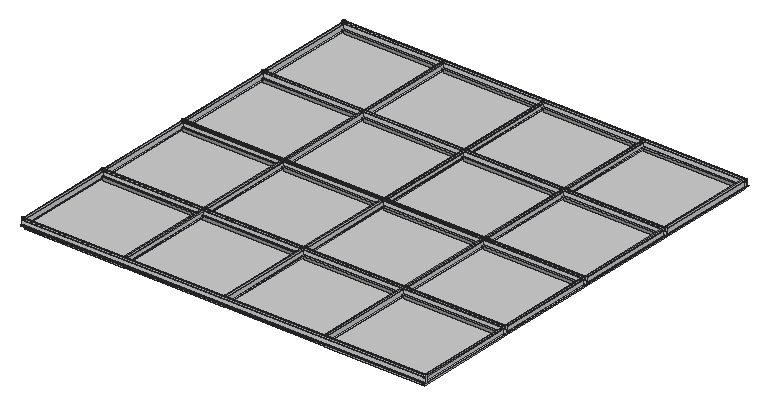
Revit family "GRD-TLE-021_TILE 001_RFA", category Modelos genéricos, Revit 2022
Family settings
  Puede alojar armadura = No
  Cota de conector redondo = Diámetro de uso
  Tipo de pieza = Normal
  Se basa en plano de trabajo = No
  Siempre vertical = Sí
  Corte con vacíos al cargar = No
  Mantener orientación de anotación = No
  Compartido = No
  Punto de cálculo de habitación = No
Parameters
  Elevación por defecto = 0.00"
Reference planes (in)
  plane 1 "Centro (Frontal/Posterior)": y = 0
  plane 2: z = 0
  plane 3 "Centro (Izquierda/Derecha)": x = 0
Forms (in)
  Extrusion 1, solid, not visible
    sketch origin (0, 0, 0) x (1, 0, 0) y (0, 1, 0)
      loop
        line (0, 2.25) -> (0, 0) -> (108, 0) -> (108, 2.25) -> (0, 2.25)
    from 0 to 8
  Extrusion 2, solid, not visible
    sketch origin (0, 0, 0) x (1, 0, 0) y (0, 1, 0)
      loop
        line (0, 2.25) -> (0, 0) -> (108, 0) -> (108, 2.25) -> (0, 2.25)
    from 0 to 8
  Extrusion 3, solid, not visible
    sketch origin (0, 8, 0) x (1, 0, 0) y (0, 1, 0)
      loop
        line (0, 2.25) -> (0, 0) -> (108, 0) -> (108, 2.25) -> (0, 2.25)
    from 0 to 8
  Extrusion 4, solid, not visible
    sketch origin (0, 16, 0) x (1, 0, 0) y (0, 1, 0)
      loop
        line (0, 2.25) -> (0, 0) -> (108, 0) -> (108, 2.25) -> (0, 2.25)
    from 0 to 8
  Extrusion 5, solid, not visible
    sketch origin (0, 24, 0) x (1, 0, 0) y (0, 1, 0)
      loop
        line (0, 2.25) -> (0, 0) -> (108, 0) -> (108, 2.25) -> (0, 2.25)
    from 0 to 8
  Extrusion 6, solid, not visible
    sketch origin (0, 32, 0) x (1, 0, 0) y (0, 1, 0)
      loop
        line (0, 2.25) -> (0, 0) -> (108, 0) -> (108, 2.25) -> (0, 2.25)
    from 0 to 8
  Extrusion 7, solid, not visible
    sketch origin (0, 40, 0) x (1, 0, 0) y (0, 1, 0)
      loop
        line (0, 2.25) -> (0, 0) -> (108, 0) -> (108, 2.25) -> (0, 2.25)
    from 0 to 8
  Extrusion 8, solid, not visible
    sketch origin (0, 48, 0) x (1, 0, 0) y (0, 1, 0)
      loop
        line (0, 2.25) -> (0, 0) -> (108, 0) -> (108, 2.25) -> (0, 2.25)
    from 0 to 8
  Extrusion 9, solid, not visible
    sketch origin (0, 56, 0) x (1, 0, 0) y (0, 1, 0)
      loop
        line (0, 2.25) -> (0, 0) -> (108, 0) -> (108, 2.25) -> (0, 2.25)
    from 0 to 8
  Extrusion 10, solid, not visible
    sketch origin (0, 64, 0) x (1, 0, 0) y (0, 1, 0)
      loop
        line (0, 2.25) -> (0, 0) -> (108, 0) -> (108, 2.25) -> (0, 2.25)
    from 0 to 8
  Extrusion 11, solid, not visible
    sketch origin (0, 72, 0) x (1, 0, 0) y (0, 1, 0)
      loop
        line (0, 2.25) -> (0, 0) -> (108, 0) -> (108, 2.25) -> (0, 2.25)
    from 0 to 8
  Extrusion 12, solid, not visible
    sketch origin (0, 80, 0) x (1, 0, 0) y (0, 1, 0)
      loop
        line (0, 2.25) -> (0, 0) -> (108, 0) -> (108, 2.25) -> (0, 2.25)
    from 0 to 8
  Extrusion 13, solid, not visible
    sketch origin (0, 88, 0) x (1, 0, 0) y (0, 1, 0)
      loop
        line (0, 2.25) -> (0, 0) -> (108, 0) -> (108, 2.25) -> (0, 2.25)
    from 0 to 8
  Extrusion 14, solid, not visible
    sketch origin (0, 96, 0) x (1, 0, 0) y (0, 1, 0)
      loop
        line (0, 2.25) -> (0, 0) -> (108, 0) -> (108, 2.25) -> (0, 2.25)
    from 0 to 8
  Extrusion 15, solid, not visible
    sketch origin (0, 104, 0) x (1, 0, 0) y (0, 1, 0)
      loop
        line (0, 2.25) -> (0, 0) -> (108, 0) -> (108, 2.25) -> (0, 2.25)
    from 0 to 8
  Extrusion 16, solid, not visible
    sketch origin (0, 112, 0) x (1, 0, 0) y (0, 1, 0)
      loop
        line (0, 2.25) -> (0, 0) -> (108, 0) -> (108, 2.25) -> (0, 2.25)
    from 0 to 8
  Extrusion 17, solid, not visible
    sketch origin (0, 120, 0) x (1, 0, 0) y (0, 1, 0)
      loop
        line (0, 2.25) -> (0, 0) -> (108, 0) -> (108, 2.25) -> (0, 2.25)
    from 0 to 8
  Extrusion 18, solid, not visible
    sketch origin (0, 128, 0) x (1, 0, 0) y (0, 1, 0)
      loop
        line (0, 2.25) -> (0, 0) -> (108, 0) -> (108, 2.25) -> (0, 2.25)
    from 0 to 8
  Extrusion 19, solid, not visible
    sketch origin (0, 136, 0) x (1, 0, 0) y (0, 1, 0)
      loop
        line (0, 2.25) -> (0, 0) -> (108, 0) -> (108, 2.25) -> (0, 2.25)
    from 0 to 8
  Extrusion 20, solid, not visible
    sketch origin (0, 144, 0) x (1, 0, 0) y (0, 1, 0)
      loop
        line (0, 2.25) -> (0, 0) -> (108, 0) -> (108, 2.25) -> (0, 2.25)
    from 0 to 8
  Extrusion 21, solid, not visible
    sketch origin (0, 152, 0) x (1, 0, 0) y (0, 1, 0)
      loop
        line (0, 2.25) -> (0, 0) -> (108, 0) -> (108, 2.25) -> (0, 2.25)
    from 0 to 8
  Extrusion 22, solid, not visible
    sketch origin (109, 0, 0) x (1, 0, 0) y (0, 1, 0)
      loop
        line (0, 2.25) -> (0, 0) -> (108, 0) -> (108, 2.25) -> (0, 2.25)
    from 0 to 8
  Extrusion 23, solid, not visible
    sketch origin (109, 8, 0) x (1, 0, 0) y (0, 1, 0)
      loop
        line (0, 2.25) -> (0, 0) -> (108, 0) -> (108, 2.25) -> (0, 2.25)
    from 0 to 8
  Extrusion 24, solid, not visible
    sketch origin (109, 16, 0) x (1, 0, 0) y (0, 1, 0)
      loop
        line (0, 2.25) -> (0, 0) -> (108, 0) -> (108, 2.25) -> (0, 2.25)
    from 0 to 8
  Extrusion 25, solid, not visible
    sketch origin (109, 24, 0) x (1, 0, 0) y (0, 1, 0)
      loop
        line (0, 2.25) -> (0, 0) -> (108, 0) -> (108, 2.25) -> (0, 2.25)
    from 0 to 8
  Extrusion 26, solid, not visible
    sketch origin (109, 32, 0) x (1, 0, 0) y (0, 1, 0)
      loop
        line (0, 2.25) -> (0, 0) -> (108, 0) -> (108, 2.25) -> (0, 2.25)
    from 0 to 8
  Extrusion 27, solid, not visible
    sketch origin (109, 40, 0) x (1, 0, 0) y (0, 1, 0)
      loop
        line (0, 2.25) -> (0, 0) -> (108, 0) -> (108, 2.25) -> (0, 2.25)
    from 0 to 8
  Extrusion 28, solid, not visible
    sketch origin (109, 48, 0) x (1, 0, 0) y (0, 1, 0)
      loop
        line (0, 2.25) -> (0, 0) -> (108, 0) -> (108, 2.25) -> (0, 2.25)
    from 0 to 8
  Extrusion 29, solid, not visible
    sketch origin (109, 56, 0) x (1, 0, 0) y (0, 1, 0)
      loop
        line (0, 2.25) -> (0, 0) -> (108, 0) -> (108, 2.25) -> (0, 2.25)
    from 0 to 8
  Extrusion 30, solid, not visible
    sketch origin (109, 64, 0) x (1, 0, 0) y (0, 1, 0)
      loop
        line (0, 2.25) -> (0, 0) -> (108, 0) -> (108, 2.25) -> (0, 2.25)
    from 0 to 8
  Extrusion 31, solid, not visible
    sketch origin (109, 72, 0) x (1, 0, 0) y (0, 1, 0)
      loop
        line (0, 2.25) -> (0, 0) -> (108, 0) -> (108, 2.25) -> (0, 2.25)
    from 0 to 8
  Extrusion 32, solid, not visible
    sketch origin (109, 80, 0) x (1, 0, 0) y (0, 1, 0)
      loop
        line (0, 2.25) -> (0, 0) -> (108, 0) -> (108, 2.25) -> (0, 2.25)
    from 0 to 8
  Extrusion 33, solid, not visible
    sketch origin (109, 88, 0) x (1, 0, 0) y (0, 1, 0)
      loop
        line (0, 2.25) -> (0, 0) -> (108, 0) -> (108, 2.25) -> (0, 2.25)
    from 0 to 8
  Extrusion 34, solid, not visible
    sketch origin (109, 96, 0) x (1, 0, 0) y (0, 1, 0)
      loop
        line (0, 2.25) -> (0, 0) -> (108, 0) -> (108, 2.25) -> (0, 2.25)
    from 0 to 8
  Extrusion 35, solid, not visible
    sketch origin (109, 104, 0) x (1, 0, 0) y (0, 1, 0)
      loop
        line (0, 2.25) -> (0, 0) -> (108, 0) -> (108, 2.25) -> (0, 2.25)
    from 0 to 8
  Extrusion 36, solid, not visible
    sketch origin (109, 112, 0) x (1, 0, 0) y (0, 1, 0)
      loop
        line (0, 2.25) -> (0, 0) -> (108, 0) -> (108, 2.25) -> (0, 2.25)
    from 0 to 8
  Extrusion 37, solid, not visible
    sketch origin (109, 120, 0) x (1, 0, 0) y (0, 1, 0)
      loop
        line (0, 2.25) -> (0, 0) -> (108, 0) -> (108, 2.25) -> (0, 2.25)
    from 0 to 8
  Extrusion 38, solid, not visible
    sketch origin (109, 128, 0) x (1, 0, 0) y (0, 1, 0)
      loop
        line (0, 2.25) -> (0, 0) -> (108, 0) -> (108, 2.25) -> (0, 2.25)
    from 0 to 8
  Extrusion 39, solid, not visible
    sketch origin (109, 136, 0) x (1, 0, 0) y (0, 1, 0)
      loop
        line (0, 2.25) -> (0, 0) -> (108, 0) -> (108, 2.25) -> (0, 2.25)
    from 0 to 8
  Extrusion 40, solid, not visible
    sketch origin (109, 144, 0) x (1, 0, 0) y (0, 1, 0)
      loop
        line (0, 2.25) -> (0, 0) -> (108, 0) -> (108, 2.25) -> (0, 2.25)
    from 0 to 8
  Extrusion 41, solid, not visible
    sketch origin (109, 152, 0) x (1, 0, 0) y (0, 1, 0)
      loop
        line (0, 2.25) -> (0, 0) -> (108, 0) -> (108, 2.25) -> (0, 2.25)
    from 0 to 8
  Extrusion 42, solid, not visible
    sketch origin (-108, 0, 0) x (1, 0, 0) y (0, 1, 0)
      loop
        line (0, 2.25) -> (0, 0) -> (108, 0) -> (108, 2.25) -> (0, 2.25)
    from 0 to 8
  Extrusion 43, solid, not visible
    sketch origin (-108, 8, 0) x (1, 0, 0) y (0, 1, 0)
      loop
        line (0, 2.25) -> (0, 0) -> (108, 0) -> (108, 2.25) -> (0, 2.25)
    from 0 to 8
  Extrusion 44, solid, not visible
    sketch origin (-108, 16, 0) x (1, 0, 0) y (0, 1, 0)
      loop
        line (0, 2.25) -> (0, 0) -> (108, 0) -> (108, 2.25) -> (0, 2.25)
    from 0 to 8
  Extrusion 45, solid, not visible
    sketch origin (-108, 24, 0) x (1, 0, 0) y (0, 1, 0)
      loop
        line (0, 2.25) -> (0, 0) -> (108, 0) -> (108, 2.25) -> (0, 2.25)
    from 0 to 8
  Extrusion 46, solid, not visible
    sketch origin (-108, 32, 0) x (1, 0, 0) y (0, 1, 0)
      loop
        line (0, 2.25) -> (0, 0) -> (108, 0) -> (108, 2.25) -> (0, 2.25)
    from 0 to 8
  Extrusion 47, solid, not visible
    sketch origin (-108, 40, 0) x (1, 0, 0) y (0, 1, 0)
      loop
        line (0, 2.25) -> (0, 0) -> (108, 0) -> (108, 2.25) -> (0, 2.25)
    from 0 to 8
  Extrusion 48, solid, not visible
    sketch origin (1, 0, 0) x (1, 0, 0) y (0, 1, 0)
      loop
        line (0, 2.25) -> (0, 0) -> (108, 0) -> (108, 2.25) -> (0, 2.25)
    from 0 to 8
  Extrusion 49, solid, not visible
    sketch origin (1, 8, 0) x (1, 0, 0) y (0, 1, 0)
      loop
        line (0, 2.25) -> (0, 0) -> (108, 0) -> (108, 2.25) -> (0, 2.25)
    from 0 to 8
  Extrusion 50, solid, not visible
    sketch origin (1, 16, 0) x (1, 0, 0) y (0, 1, 0)
      loop
        line (0, 2.25) -> (0, 0) -> (108, 0) -> (108, 2.25) -> (0, 2.25)
    from 0 to 8
  Extrusion 51, solid, not visible
    sketch origin (1, 24, 0) x (1, 0, 0) y (0, 1, 0)
      loop
        line (0, 2.25) -> (0, 0) -> (108, 0) -> (108, 2.25) -> (0, 2.25)
    from 0 to 8
  Extrusion 52, solid, not visible
    sketch origin (1, 32, 0) x (1, 0, 0) y (0, 1, 0)
      loop
        line (0, 2.25) -> (0, 0) -> (108, 0) -> (108, 2.25) -> (0, 2.25)
    from 0 to 8
  Extrusion 53, solid, not visible
    sketch origin (1, 40, 0) x (1, 0, 0) y (0, 1, 0)
      loop
        line (0, 2.25) -> (0, 0) -> (108, 0) -> (108, 2.25) -> (0, 2.25)
    from 0 to 8
  Extrusion 54, solid, not visible
    sketch origin (-108, 48, 0) x (1, 0, 0) y (0, 1, 0)
      loop
        line (0, 2.25) -> (0, 0) -> (108, 0) -> (108, 2.25) -> (0, 2.25)
    from 0 to 8
  Extrusion 55, solid, not visible
    sketch origin (-108, 56, 0) x (1, 0, 0) y (0, 1, 0)
      loop
        line (0, 2.25) -> (0, 0) -> (108, 0) -> (108, 2.25) -> (0, 2.25)
    from 0 to 8
  Extrusion 56, solid, not visible
    sketch origin (-108, 64, 0) x (1, 0, 0) y (0, 1, 0)
      loop
        line (0, 2.25) -> (0, 0) -> (108, 0) -> (108, 2.25) -> (0, 2.25)
    from 0 to 8
  Extrusion 57, solid, not visible
    sketch origin (-108, 72, 0) x (1, 0, 0) y (0, 1, 0)
      loop
        line (0, 2.25) -> (0, 0) -> (108, 0) -> (108, 2.25) -> (0, 2.25)
    from 0 to 8
  Extrusion 58, solid, not visible
    sketch origin (-108, 80, 0) x (1, 0, 0) y (0, 1, 0)
      loop
        line (0, 2.25) -> (0, 0) -> (108, 0) -> (108, 2.25) -> (0, 2.25)
    from 0 to 8
  Extrusion 59, solid, not visible
    sketch origin (1, 48, 0) x (1, 0, 0) y (0, 1, 0)
      loop
        line (0, 2.25) -> (0, 0) -> (108, 0) -> (108, 2.25) -> (0, 2.25)
    from 0 to 8
  Extrusion 60, solid, not visible
    sketch origin (1, 56, 0) x (1, 0, 0) y (0, 1, 0)
      loop
        line (0, 2.25) -> (0, 0) -> (108, 0) -> (108, 2.25) -> (0, 2.25)
    from 0 to 8
  Extrusion 61, solid, not visible
    sketch origin (1, 64, 0) x (1, 0, 0) y (0, 1, 0)
      loop
        line (0, 2.25) -> (0, 0) -> (108, 0) -> (108, 2.25) -> (0, 2.25)
    from 0 to 8
  Extrusion 62, solid, not visible
    sketch origin (1, 72, 0) x (1, 0, 0) y (0, 1, 0)
      loop
        line (0, 2.25) -> (0, 0) -> (108, 0) -> (108, 2.25) -> (0, 2.25)
    from 0 to 8
  Extrusion 63, solid, not visible
    sketch origin (1, 80, 0) x (1, 0, 0) y (0, 1, 0)
      loop
        line (0, 2.25) -> (0, 0) -> (108, 0) -> (108, 2.25) -> (0, 2.25)
    from 0 to 8
  Extrusion 64, solid, not visible
    sketch origin (-108, 88, 0) x (1, 0, 0) y (0, 1, 0)
      loop
        line (0, 2.25) -> (0, 0) -> (108, 0) -> (108, 2.25) -> (0, 2.25)
    from 0 to 8
  Extrusion 65, solid, not visible
    sketch origin (-108, 96, 0) x (1, 0, 0) y (0, 1, 0)
      loop
        line (0, 2.25) -> (0, 0) -> (108, 0) -> (108, 2.25) -> (0, 2.25)
    from 0 to 8
  Extrusion 66, solid, not visible
    sketch origin (-108, 104, 0) x (1, 0, 0) y (0, 1, 0)
      loop
        line (0, 2.25) -> (0, 0) -> (108, 0) -> (108, 2.25) -> (0, 2.25)
    from 0 to 8
  Extrusion 67, solid, not visible
    sketch origin (-108, 112, 0) x (1, 0, 0) y (0, 1, 0)
      loop
        line (0, 2.25) -> (0, 0) -> (108, 0) -> (108, 2.25) -> (0, 2.25)
    from 0 to 8
  Extrusion 68, solid, not visible
    sketch origin (-108, 120, 0) x (1, 0, 0) y (0, 1, 0)
      loop
        line (0, 2.25) -> (0, 0) -> (108, 0) -> (108, 2.25) -> (0, 2.25)
    from 0 to 8
  Extrusion 69, solid, not visible
    sketch origin (1, 88, 0) x (1, 0, 0) y (0, 1, 0)
      loop
        line (0, 2.25) -> (0, 0) -> (108, 0) -> (108, 2.25) -> (0, 2.25)
    from 0 to 8
  Extrusion 70, solid, not visible
    sketch origin (1, 96, 0) x (1, 0, 0) y (0, 1, 0)
      loop
        line (0, 2.25) -> (0, 0) -> (108, 0) -> (108, 2.25) -> (0, 2.25)
    from 0 to 8
  Extrusion 71, solid, not visible
    sketch origin (1, 104, 0) x (1, 0, 0) y (0, 1, 0)
      loop
        line (0, 2.25) -> (0, 0) -> (108, 0) -> (108, 2.25) -> (0, 2.25)
    from 0 to 8
  Extrusion 72, solid, not visible
    sketch origin (1, 112, 0) x (1, 0, 0) y (0, 1, 0)
      loop
        line (0, 2.25) -> (0, 0) -> (108, 0) -> (108, 2.25) -> (0, 2.25)
    from 0 to 8
  Extrusion 73, solid, not visible
    sketch origin (1, 120, 0) x (1, 0, 0) y (0, 1, 0)
      loop
        line (0, 2.25) -> (0, 0) -> (108, 0) -> (108, 2.25) -> (0, 2.25)
    from 0 to 8
  Extrusion 74, solid, not visible
    sketch origin (-108, 128, 0) x (1, 0, 0) y (0, 1, 0)
      loop
        line (0, 2.25) -> (0, 0) -> (108, 0) -> (108, 2.25) -> (0, 2.25)
    from 0 to 8
  Extrusion 75, solid, not visible
    sketch origin (-108, 136, 0) x (1, 0, 0) y (0, 1, 0)
      loop
        line (0, 2.25) -> (0, 0) -> (108, 0) -> (108, 2.25) -> (0, 2.25)
    from 0 to 8
  Extrusion 76, solid, not visible
    sketch origin (-108, 144, 0) x (1, 0, 0) y (0, 1, 0)
      loop
        line (0, 2.25) -> (0, 0) -> (108, 0) -> (108, 2.25) -> (0, 2.25)
    from 0 to 8
  Extrusion 77, solid, not visible
    sketch origin (-108, 152, 0) x (1, 0, 0) y (0, 1, 0)
      loop
        line (0, 2.25) -> (0, 0) -> (108, 0) -> (108, 2.25) -> (0, 2.25)
    from 0 to 8
  Extrusion 78, solid, not visible
    sketch origin (-108, 160, 0) x (1, 0, 0) y (0, 1, 0)
      loop
        line (0, 2.25) -> (0, 0) -> (108, 0) -> (108, 2.25) -> (0, 2.25)
    from 0 to 8
  Extrusion 79, solid, not visible
    sketch origin (1, 128, 0) x (1, 0, 0) y (0, 1, 0)
      loop
        line (0, 2.25) -> (0, 0) -> (108, 0) -> (108, 2.25) -> (0, 2.25)
    from 0 to 8
  Extrusion 80, solid, not visible
    sketch origin (1, 136, 0) x (1, 0, 0) y (0, 1, 0)
      loop
        line (0, 2.25) -> (0, 0) -> (108, 0) -> (108, 2.25) -> (0, 2.25)
    from 0 to 8
  Extrusion 81, solid, not visible
    sketch origin (1, 144, 0) x (1, 0, 0) y (0, 1, 0)
      loop
        line (0, 2.25) -> (0, 0) -> (108, 0) -> (108, 2.25) -> (0, 2.25)
    from 0 to 8
  Extrusion 82, solid, not visible
    sketch origin (1, 152, 0) x (1, 0, 0) y (0, 1, 0)
      loop
        line (0, 2.25) -> (0, 0) -> (108, 0) -> (108, 2.25) -> (0, 2.25)
    from 0 to 8
  Extrusion 83, solid, not visible
    sketch origin (1, 160, 0) x (1, 0, 0) y (0, 1, 0)
      loop
        line (0, 2.25) -> (0, 0) -> (108, 0) -> (108, 2.25) -> (0, 2.25)
    from 0 to 8
  Extrusion 84, solid, not visible
    sketch origin (0, 0, 0) x (1, 0, 0) y (0, 1, 0)
      loop
        line (0, 3) -> (0, 0) -> (108, 0) -> (108, 3) -> (0, 3)
    from 0 to 8
  Extrusion 85, void, not visible
    sketch origin (0, 0, 0) x (1, 0, 0) y (0, 1, 0)
      loop
        line (6, 2) -> (6, 1) -> (66, 1) -> (66, 2) -> (6, 2)
    from 0 to 1.03
  Extrusion 86, solid, not visible
    sketch origin (0, 0, 0) x (1, 0, 0) y (0, 1, 0)
      loop
        line (0, 3) -> (0, 0) -> (108, 0) -> (108, 3) -> (0, 3)
    from 0 to 8
  Extrusion 87, void, not visible
    sketch origin (0, 0, 0) x (1, 0, 0) y (0, 1, 0)
      loop
        line (6, 2) -> (6, 1) -> (66, 1) -> (66, 2) -> (6, 2)
    from 0 to 1.03
  Extrusion 88, solid, not visible
    sketch origin (0, 0, 0) x (1, 0, 0) y (0, 1, 0)
      loop
        line (6, 2) -> (6, 1) -> (66, 1) -> (66, 2) -> (6, 2)
    from 0 to 1.03
  Extrusion 89, solid, not visible
    sketch origin (0, 32, 0) x (1, 0, 0) y (0, 1, 0)
      loop
        line (0, 3) -> (0, 0) -> (108, 0) -> (108, 3) -> (0, 3)
    from 0 to 8
  Extrusion 90, void, not visible
    sketch origin (0, 32, 0) x (1, 0, 0) y (0, 1, 0)
      loop
        line (6, 2) -> (6, 1) -> (102, 1) -> (102, 2) -> (6, 2)
    from 0 to 1.03
  Extrusion 91, solid, not visible
    sketch origin (8.95842, -18.67436, 0) x (1, 0, 0) y (0, 1, 0)
      loop
        line (-8.48642, 97.64679) -> (-8.48642, 97.17436) -> (98.56914, 97.17436) -> (98.56914, 97.64679) -> (-8.48642, 97.64679)
    from 0.59055 to 8
  Extrusion 92, solid, not visible
    sketch origin (8.95842, -16.6468, 0) x (1, 0, 0) y (0, 1, 0)
      loop
        line (-8.48642, 97.64679) -> (-8.48642, 97.17436) -> (98.56914, 97.17436) -> (98.56914, 97.64679) -> (-8.48642, 97.64679)
    from 0.59055 to 8
  Extrusion 93, solid, not visible
    sketch origin (60.46912, 110.28574, 0) x (1, 0, 0) y (0, 1, 0)
      loop
        line (45.03088, -29.28574) -> (-57.96911, -29.28574) -> (-57.96911, -31.78574) -> (45.03088, -31.78574) -> (45.03088, -29.28574)
      loop
        line (23.78088, -31.03574) -> (41.78088, -31.03574) -> (41.78088, -30.03574) -> (23.78088, -30.03574) -> (23.78088, -31.03574)
      loop
        line (-54.71912, -31.03574) -> (-36.71912, -31.03574) -> (-36.71912, -30.03574) -> (-54.71912, -30.03574) -> (-54.71912, -31.03574)
    from 0 to 0.59055
  Extrusion 94, solid, not visible
    sketch origin (108, 51.5, 0) x (0, 1, 0) y (-1, 0, 0)
      loop
        line (27.75, 102.25) -> (27.75, 84.25) -> (28.75, 84.25) -> (28.75, 102.25) -> (27.75, 102.25)
    from 0 to 1
  Extrusion 95, solid, not visible
    sketch origin (186.5, 51.5, 0) x (0, 1, 0) y (-1, 0, 0)
      loop
        line (27.75, 102.25) -> (27.75, 84.25) -> (28.75, 84.25) -> (28.75, 102.25) -> (27.75, 102.25)
    from 0 to 1
  Extrusion 96, solid, not visible
    sketch origin (8.95842, -44.42438, 0) x (1, 0, 0) y (0, 1, 0)
      loop
        line (-8.48642, 97.64679) -> (-8.48642, 97.17436) -> (98.56914, 97.17436) -> (98.56914, 97.64679) -> (-8.48642, 97.64679)
    from 0.59055 to 8
  Extrusion 97, solid, not visible
    sketch origin (8.95842, -42.39682, 0) x (1, 0, 0) y (0, 1, 0)
      loop
        line (-8.48642, 97.64679) -> (-8.48642, 97.17436) -> (98.56914, 97.17436) -> (98.56914, 97.64679) -> (-8.48642, 97.64679)
    from 0.59055 to 8
  Extrusion 98, solid, not visible
    sketch origin (60.46912, 84.53571, 0) x (1, 0, 0) y (0, 1, 0)
      loop
        line (45.03088, -29.28574) -> (-57.96911, -29.28574) -> (-57.96911, -31.78574) -> (45.03088, -31.78574) -> (45.03088, -29.28574)
      loop
        line (-28.96912, -31.03574) -> (-10.96912, -31.03574) -> (-10.96912, -30.03574) -> (-28.96912, -30.03574) -> (-28.96912, -31.03574)
      loop
        line (-3.21912, -31.03571) -> (14.78088, -31.03571) -> (14.78088, -30.03571) -> (-3.21912, -30.03571) -> (-3.21912, -31.03571)
    from 0 to 0.59055
  Extrusion 99, solid, not visible
    sketch origin (133.74998, 25.74998, 0) x (0, 1, 0) y (-1, 0, 0)
      loop
        line (27.75, 102.25) -> (27.75, 84.25) -> (28.75, 84.25) -> (28.75, 102.25) -> (27.75, 102.25)
    from 0 to 1
  Extrusion 100, solid, not visible
    sketch origin (159.49998, 25.74998, 0) x (0, 1, 0) y (-1, 0, 0)
      loop
        line (27.75, 102.25) -> (27.75, 84.25) -> (28.75, 84.25) -> (28.75, 102.25) -> (27.75, 102.25)
    from 0 to 1
  Extrusion 101, solid, not visible
    sketch origin (8.95842, -70.17436, 0) x (1, 0, 0) y (0, 1, 0)
      loop
        line (-8.48642, 97.64679) -> (-8.48642, 97.17436) -> (98.56914, 97.17436) -> (98.56914, 97.64679) -> (-8.48642, 97.64679)
    from 0.59055 to 8
  Extrusion 102, solid, not visible
    sketch origin (8.95842, -68.1468, 0) x (1, 0, 0) y (0, 1, 0)
      loop
        line (-8.48642, 97.64679) -> (-8.48642, 97.17436) -> (98.56914, 97.17436) -> (98.56914, 97.64679) -> (-8.48642, 97.64679)
    from 0.59055 to 8
  Extrusion 103, solid, not visible
    sketch origin (60.46912, 58.78574, 0) x (1, 0, 0) y (0, 1, 0)
      loop
        line (45.03088, -29.28574) -> (-57.96911, -29.28574) -> (-57.96911, -31.78574) -> (45.03088, -31.78574) -> (45.03088, -29.28574)
      loop
        line (23.78088, -31.03574) -> (41.78088, -31.03574) -> (41.78088, -30.03574) -> (23.78088, -30.03574) -> (23.78088, -31.03574)
      loop
        line (-54.71912, -31.03574) -> (-36.71912, -31.03574) -> (-36.71912, -30.03574) -> (-54.71912, -30.03574) -> (-54.71912, -31.03574)
    from 0 to 0.59055
  Extrusion 104, solid, not visible
    sketch origin (108, 0, 0) x (0, 1, 0) y (-1, 0, 0)
      loop
        line (27.75, 102.25) -> (27.75, 84.25) -> (28.75, 84.25) -> (28.75, 102.25) -> (27.75, 102.25)
    from 0 to 1
  Extrusion 105, solid, not visible
    sketch origin (186.5, 0, 0) x (0, 1, 0) y (-1, 0, 0)
      loop
        line (27.75, 102.25) -> (27.75, 84.25) -> (28.75, 84.25) -> (28.75, 102.25) -> (27.75, 102.25)
    from 0 to 1
  Extrusion 106, solid, not visible
    sketch origin (-70.17436, 99.04114, 0) x (0, -1, 0) y (1, 0, 0)
      loop
        line (-8.48642, 97.64679) -> (-8.48642, 97.17436) -> (98.56914, 97.17436) -> (98.56914, 97.64679) -> (-8.48642, 97.64679)
    from 0.59055 to 8
  Extrusion 107, solid, not visible
    sketch origin (-68.1468, 99.04114, 0) x (0, -1, 0) y (1, 0, 0)
      loop
        line (-8.48642, 97.64679) -> (-8.48642, 97.17436) -> (98.56914, 97.17436) -> (98.56914, 97.64679) -> (-8.48642, 97.64679)
    from 0.59055 to 8
  Extrusion 108, solid, not visible
    sketch origin (-2.28571, 86.21912, 0) x (0, 1, 0) y (-1, 0, 0)
      loop
        line (19.28088, -29.28574) -> (-83.71912, -29.28574) -> (-83.71912, -31.78574) -> (19.28088, -31.78574) -> (19.28088, -29.28574)
      loop
        line (16.03088, -31.03571) -> (16.03088, -30.03571) -> (-1.96912, -30.03571) -> (-1.96912, -31.03571) -> (16.03088, -31.03571)
      loop
        line (-62.46912, -31.03571) -> (-62.46912, -30.03571) -> (-80.46912, -30.03571) -> (-80.46912, -31.03571) -> (-62.46912, -31.03571)
    from 0 to 0.59055
  Extrusion 109, solid, not visible
    sketch origin (0, 0, 0) x (1, 0, 0) y (0, 1, 0)
      loop
        line (27.75, 102.25) -> (27.75, 84.25) -> (28.75, 84.25) -> (28.75, 102.25) -> (27.75, 102.25)
    from 0 to 1
  Extrusion 110, solid, not visible
    sketch origin (0, -78.5, 0) x (1, 0, 0) y (0, 1, 0)
      loop
        line (27.75, 102.25) -> (27.75, 84.25) -> (28.75, 84.25) -> (28.75, 102.25) -> (27.75, 102.25)
    from 0 to 1
  Extrusion 111, solid, not visible
    sketch origin (-44.89438, 99.04114, 0) x (0, -1, 0) y (1, 0, 0)
      loop
        line (-8.48642, 97.64679) -> (-8.48642, 97.17436) -> (98.56914, 97.17436) -> (98.56914, 97.64679) -> (-8.48642, 97.64679)
    from 0.59055 to 8
  Extrusion 112, solid, not visible
    sketch origin (-42.39682, 99.04114, 0) x (0, -1, 0) y (1, 0, 0)
      loop
        line (-8.48642, 97.64679) -> (-8.48642, 97.17436) -> (98.56914, 97.17436) -> (98.56914, 97.64679) -> (-8.48642, 97.64679)
    from 0.59055 to 8
  Extrusion 113, solid, not visible
    sketch origin (23.46427, 86.21912, 0) x (0, 1, 0) y (-1, 0, 0)
      loop
        line (19.28088, -28.81571) -> (-83.71912, -28.81571) -> (-83.71912, -31.78574) -> (19.28088, -31.78574) -> (19.28088, -28.81571)
      loop
        line (-28.96912, -29.78573) -> (-28.96912, -30.78571) -> (-10.96912, -30.78571) -> (-10.96912, -29.78573) -> (-28.96912, -29.78573)
      loop
        line (-54.71914, -29.78573) -> (-54.71914, -30.78573) -> (-36.71914, -30.78573) -> (-36.71914, -29.78573) -> (-54.71914, -29.78573)
    from 0 to 0.59055
  Extrusion 114, solid, not visible
    sketch origin (25.74998, -27, 0) x (1, 0, 0) y (0, 1, 0)
      loop
        line (27.50002, 102.25) -> (27.50002, 84.25) -> (28.5, 84.25) -> (28.5, 102.25) -> (27.50002, 102.25)
    from 0 to 1
  Extrusion 115, solid, not visible
    sketch origin (25.74998, -52.75002, 0) x (1, 0, 0) y (0, 1, 0)
      loop
        line (27.50002, 102.25) -> (27.50002, 84.25) -> (28.50002, 84.25) -> (28.50002, 102.25) -> (27.50002, 102.25)
    from 0 to 1
  Extrusion 116, solid, not visible
    sketch origin (-18.67436, 99.04114, 0) x (0, -1, 0) y (1, 0, 0)
      loop
        line (-8.48642, 97.64679) -> (-8.48642, 97.17436) -> (98.56914, 97.17436) -> (98.56914, 97.64679) -> (-8.48642, 97.64679)
    from 0.59055 to 8
  Extrusion 117, solid, not visible
    sketch origin (-16.6468, 99.04114, 0) x (0, -1, 0) y (1, 0, 0)
      loop
        line (-8.48642, 97.64679) -> (-8.48642, 97.17436) -> (98.56914, 97.17436) -> (98.56914, 97.64679) -> (-8.48642, 97.64679)
    from 0.59055 to 8
  Extrusion 118, solid, not visible
    sketch origin (49.21426, 86.21912, 0) x (0, 1, 0) y (-1, 0, 0)
      loop
        line (19.28088, -29.28574) -> (-83.71912, -29.28574) -> (-83.71912, -31.78574) -> (19.28088, -31.78574) -> (19.28088, -29.28574)
      loop
        line (16.03088, -31.03571) -> (16.03088, -30.03571) -> (-1.96912, -30.03571) -> (-1.96912, -31.03571) -> (16.03088, -31.03571)
      loop
        line (-62.46912, -31.03571) -> (-62.46912, -30.03571) -> (-80.46912, -30.03571) -> (-80.46912, -31.03571) -> (-62.46912, -31.03571)
    from 0 to 0.59055
  Extrusion 119, solid, not visible
    sketch origin (51.49997, 0, 0) x (1, 0, 0) y (0, 1, 0)
      loop
        line (27.75, 102.25) -> (27.75, 84.25) -> (28.75, 84.25) -> (28.75, 102.25) -> (27.75, 102.25)
    from 0 to 1
  Extrusion 120, solid, not visible
    sketch origin (51.49997, -78.5, 0) x (1, 0, 0) y (0, 1, 0)
      loop
        line (27.75, 102.25) -> (27.75, 84.25) -> (28.75, 84.25) -> (28.75, 102.25) -> (27.75, 102.25)
    from 0 to 1
  Extrusion 121, solid, not visible
    sketch origin (10.23509, 91.82771, 0) x (0, -1, 0) y (1, 0, 0)
      loop
        line (-16.17229, 97.76491) -> (-15.69986, 97.29248) -> (91.35527, 97.29248) -> (91.82771, 97.76491) -> (-16.17229, 97.76491)
    from 0.59055 to 8
  Extrusion 122, solid, not visible
    sketch origin (137.28574, 61.88413, 0) x (0, 1, 0) y (-1, 0, 0)
      loop
        line (46.11587, 29.28574) -> (43.61587, 31.78574) -> (-59.38412, 31.78574) -> (-61.88412, 29.28574) -> (46.11587, 29.28574)
    from 0 to 0.59055
  Extrusion 123, solid, not visible
    sketch origin (8.20754, 91.82771, 0) x (0, -1, 0) y (1, 0, 0)
      loop
        line (-14.14474, 97.76491) -> (-13.67231, 97.29248) -> (89.32772, 97.29248) -> (89.80016, 97.76491) -> (-14.14474, 97.76491)
    from 0.59055 to 8.22418
  Extrusion 124, solid, not visible
    sketch origin (18.95842, 10.23509, 0) x (1, 0, 0) y (0, 1, 0)
      loop
        line (-18.95842, 97.76491) -> (-18.48598, 97.29247) -> (88.56914, 97.29247) -> (89.04158, 97.76491) -> (-18.95842, 97.76491)
    from 0.59055 to 8
  Extrusion 125, solid, not visible
    sketch origin (61.88413, 137.28574, 0) x (1, 0, 0) y (0, 1, 0)
      loop
        line (46.11587, -29.28574) -> (-61.88412, -29.28574) -> (-59.38412, -31.78574) -> (43.61587, -31.78574) -> (46.11587, -29.28574)
    from 0 to 0.59055
  Extrusion 126, solid, not visible
    sketch origin (18.95842, 8.20753, 0) x (1, 0, 0) y (0, 1, 0)
      loop
        line (-16.93086, 97.76491) -> (-16.45842, 97.29247) -> (86.54158, 97.29247) -> (87.01402, 97.76491) -> (-16.93086, 97.76491)
    from 0.59055 to 8
  Extrusion 127, solid, not visible
    sketch origin (-101.24865, 87.31603, 0) x (0, -1, 0) y (1, 0, 0)
      loop
        line (-20.21152, 101.72109) -> (-20.68397, 101.24865) -> (87.31604, 101.24865) -> (86.84359, 101.72109) -> (-20.21152, 101.72109)
    from 0.47244 to 8
  Extrusion 128, solid, not visible
    sketch origin (-29.28573, 61.88413, 0) x (0, 1, 0) y (-1, 0, 0)
      loop
        line (46.11587, -29.28574) -> (-61.88412, -29.28574) -> (-59.38412, -31.78574) -> (43.61587, -31.78574) -> (46.11587, -29.28574)
    from 0 to 0.59055
  Extrusion 129, solid, not visible
    sketch origin (-99.22109, 87.31603, 0) x (0, -1, 0) y (1, 0, 0)
      loop
        line (-18.18396, 101.72109) -> (-18.65641, 101.24865) -> (85.28848, 101.24865) -> (84.81603, 101.72109) -> (-18.18396, 101.72109)
    from 0.47244 to 8
  Extrusion 130, solid, not visible
    sketch origin (61.88413, -29.28574, 0) x (1, 0, 0) y (0, 1, 0)
      loop
        line (46.11587, 29.28574) -> (43.61587, 31.78574) -> (-59.38412, 31.78574) -> (-61.88412, 29.28574) -> (46.11587, 29.28574)
    from 0 to 0.47244
  Extrusion 131, solid, not visible
    sketch origin (8.95842, -97.17435, 0) x (1, 0, 0) y (0, 1, 0)
      loop
        line (-8.48598, 97.64679) -> (-8.95842, 97.17436) -> (99.04157, 97.17436) -> (98.56914, 97.64679) -> (-8.48598, 97.64679)
    from 0.59055 to 8
  Extrusion 132, solid, not visible
    sketch origin (8.95842, -95.14679, 0) x (1, 0, 0) y (0, 1, 0)
      loop
        line (-6.45842, 97.64679) -> (-6.93085, 97.17436) -> (97.01401, 97.17436) -> (96.54158, 97.64679) -> (-6.45842, 97.64679)
    from 0.59055 to 8
  Extrusion 133, solid, not visible
    sketch origin (61.88413, -29.28574, 0) x (1, 0, 0) y (0, 1, 0)
      loop
        line (46.11587, 29.28574) -> (43.61587, 31.78574) -> (-59.38412, 31.78574) -> (-61.88412, 29.28574) -> (46.11587, 29.28574)
    from 0 to 0.47244
  Extrusion 134, solid, not visible
    sketch origin (18.95842, 10.23509, 0) x (1, 0, 0) y (0, 1, 0)
      loop
        line (-18.95842, 97.76491) -> (-18.48598, 97.29247) -> (88.56914, 97.29247) -> (89.04158, 97.76491) -> (-18.95842, 97.76491)
    from 0.59055 to 8
  Extrusion 135, solid, not visible
    sketch origin (8.95842, -97.17435, 0) x (1, 0, 0) y (0, 1, 0)
      loop
        line (-8.48598, 97.64679) -> (-8.95842, 97.17436) -> (99.04157, 97.17436) -> (98.56914, 97.64679) -> (-8.48598, 97.64679)
    from 0.59055 to 8
  Extrusion 136, solid, not visible
    sketch origin (10.23509, 91.82771, 0) x (0, -1, 0) y (1, 0, 0)
      loop
        line (-16.17229, 97.76491) -> (-15.69986, 97.29248) -> (91.35527, 97.29248) -> (91.82771, 97.76491) -> (-16.17229, 97.76491)
    from 0.59055 to 8
  Extrusion 137, solid, not visible
    sketch origin (-101.24865, 87.31603, 0) x (0, -1, 0) y (1, 0, 0)
      loop
        line (-20.21152, 101.72109) -> (-20.68397, 101.24865) -> (87.31604, 101.24865) -> (86.84359, 101.72109) -> (-20.21152, 101.72109)
    from 0.47244 to 8
  Extrusion 138, solid, not visible
    sketch origin (61.88413, 137.28574, 0) x (1, 0, 0) y (0, 1, 0)
      loop
        line (46.11587, -29.28574) -> (-61.88412, -29.28574) -> (-59.38412, -31.78574) -> (43.61587, -31.78574) -> (46.11587, -29.28574)
    from 0 to 0.59055
  Extrusion 139, solid, not visible
    sketch origin (-29.28573, 61.88413, 0) x (0, 1, 0) y (-1, 0, 0)
      loop
        line (46.11587, -29.28574) -> (-61.88412, -29.28574) -> (-59.38412, -31.78574) -> (43.61587, -31.78574) -> (46.11587, -29.28574)
    from 0 to 0.59055
  Extrusion 140, solid, not visible
    sketch origin (137.28574, 61.88413, 0) x (0, 1, 0) y (-1, 0, 0)
      loop
        line (46.11587, 29.28574) -> (43.61587, 31.78574) -> (-59.38412, 31.78574) -> (-61.88412, 29.28574) -> (46.11587, 29.28574)
    from 0 to 0.59055
  Extrusion 141, solid, not visible
    sketch origin (8.95842, -95.14679, 0) x (1, 0, 0) y (0, 1, 0)
      loop
        line (-6.45842, 97.64679) -> (-6.93085, 97.17436) -> (97.01401, 97.17436) -> (96.54158, 97.64679) -> (-6.45842, 97.64679)
    from 0.59055 to 8
  Extrusion 142, solid, not visible
    sketch origin (-99.22109, 87.31603, 0) x (0, -1, 0) y (1, 0, 0)
      loop
        line (-18.18396, 101.72109) -> (-18.65641, 101.24865) -> (85.28848, 101.24865) -> (84.81603, 101.72109) -> (-18.18396, 101.72109)
    from 0.47244 to 8
  Extrusion 143, solid, not visible
    sketch origin (18.95842, 8.20753, 0) x (1, 0, 0) y (0, 1, 0)
      loop
        line (-16.93086, 97.76491) -> (-16.45842, 97.29247) -> (86.54158, 97.29247) -> (87.01402, 97.76491) -> (-16.93086, 97.76491)
    from 0.59055 to 8
  Extrusion 144, solid, not visible
    sketch origin (8.20754, 91.82771, 0) x (0, -1, 0) y (1, 0, 0)
      loop
        line (-14.14474, 97.76491) -> (-13.67231, 97.29248) -> (89.32772, 97.29248) -> (89.80016, 97.76491) -> (-14.14474, 97.76491)
    from 0.59055 to 8.22418
  Extrusion 145, solid, not visible
    sketch origin (8.95842, -70.17436, 0) x (1, 0, 0) y (0, 1, 0)
      loop
        line (-8.48642, 97.64679) -> (-8.48642, 97.17436) -> (98.56914, 97.17436) -> (98.56914, 97.64679) -> (-8.48642, 97.64679)
    from 0.59055 to 8
  Extrusion 146, solid, not visible
    sketch origin (8.95842, -68.1468, 0) x (1, 0, 0) y (0, 1, 0)
      loop
        line (-8.48642, 97.64679) -> (-8.48642, 97.17436) -> (98.56914, 97.17436) -> (98.56914, 97.64679) -> (-8.48642, 97.64679)
    from 0.59055 to 8
  Extrusion 147, solid, not visible
    sketch origin (8.95842, -44.42438, 0) x (1, 0, 0) y (0, 1, 0)
      loop
        line (-8.48642, 97.64679) -> (-8.48642, 97.17436) -> (98.56914, 97.17436) -> (98.56914, 97.64679) -> (-8.48642, 97.64679)
    from 0.59055 to 8
  Extrusion 148, solid, not visible
    sketch origin (8.95842, -42.39682, 0) x (1, 0, 0) y (0, 1, 0)
      loop
        line (-8.48642, 97.64679) -> (-8.48642, 97.17436) -> (98.56914, 97.17436) -> (98.56914, 97.64679) -> (-8.48642, 97.64679)
    from 0.59055 to 8
  Extrusion 149, solid, not visible
    sketch origin (8.95842, -18.67436, 0) x (1, 0, 0) y (0, 1, 0)
      loop
        line (-8.48642, 97.64679) -> (-8.48642, 97.17436) -> (98.56914, 97.17436) -> (98.56914, 97.64679) -> (-8.48642, 97.64679)
    from 0.59055 to 8
  Extrusion 150, solid, not visible
    sketch origin (8.95842, -16.6468, 0) x (1, 0, 0) y (0, 1, 0)
      loop
        line (-8.48642, 97.64679) -> (-8.48642, 97.17436) -> (98.56914, 97.17436) -> (98.56914, 97.64679) -> (-8.48642, 97.64679)
    from 0.59055 to 8
  Extrusion 151, solid, not visible
    sketch origin (-70.17436, 99.04114, 0) x (0, -1, 0) y (1, 0, 0)
      loop
        line (-8.48642, 97.64679) -> (-8.48642, 97.17436) -> (98.56914, 97.17436) -> (98.56914, 97.64679) -> (-8.48642, 97.64679)
    from 0.59055 to 8
  Extrusion 152, solid, not visible
    sketch origin (-68.1468, 99.04114, 0) x (0, -1, 0) y (1, 0, 0)
      loop
        line (-8.48642, 97.64679) -> (-8.48642, 97.17436) -> (98.56914, 97.17436) -> (98.56914, 97.64679) -> (-8.48642, 97.64679)
    from 0.59055 to 8
  Extrusion 153, solid, not visible
    sketch origin (-44.89438, 99.04114, 0) x (0, -1, 0) y (1, 0, 0)
      loop
        line (-8.48642, 97.64679) -> (-8.48642, 97.17436) -> (98.56914, 97.17436) -> (98.56914, 97.64679) -> (-8.48642, 97.64679)
    from 0.59055 to 8
  Extrusion 154, solid, not visible
    sketch origin (-42.39682, 99.04114, 0) x (0, -1, 0) y (1, 0, 0)
      loop
        line (-8.48642, 97.64679) -> (-8.48642, 97.17436) -> (98.56914, 97.17436) -> (98.56914, 97.64679) -> (-8.48642, 97.64679)
    from 0.59055 to 8
  Extrusion 155, solid, not visible
    sketch origin (-18.67436, 99.04114, 0) x (0, -1, 0) y (1, 0, 0)
      loop
        line (-8.48642, 97.64679) -> (-8.48642, 97.17436) -> (98.56914, 97.17436) -> (98.56914, 97.64679) -> (-8.48642, 97.64679)
    from 0.59055 to 8
  Extrusion 156, solid, not visible
    sketch origin (-16.6468, 99.04114, 0) x (0, -1, 0) y (1, 0, 0)
      loop
        line (-8.48642, 97.64679) -> (-8.48642, 97.17436) -> (98.56914, 97.17436) -> (98.56914, 97.64679) -> (-8.48642, 97.64679)
    from 0.59055 to 8
  Extrusion 157, solid, not visible
    sketch origin (60.46912, 110.28574, 0) x (1, 0, 0) y (0, 1, 0)
      loop
        line (45.03088, -29.28574) -> (-57.96911, -29.28574) -> (-57.96911, -31.78574) -> (45.03088, -31.78574) -> (45.03088, -29.28574)
      loop
        line (23.78088, -31.03574) -> (41.78088, -31.03574) -> (41.78088, -30.03574) -> (23.78088, -30.03574) -> (23.78088, -31.03574)
      loop
        line (-54.71912, -31.03574) -> (-36.71912, -31.03574) -> (-36.71912, -30.03574) -> (-54.71912, -30.03574) -> (-54.71912, -31.03574)
    from 0 to 0.59055
  Extrusion 158, solid, not visible
    sketch origin (60.46912, 84.53571, 0) x (1, 0, 0) y (0, 1, 0)
      loop
        line (45.03088, -29.28574) -> (-57.96911, -29.28574) -> (-57.96911, -31.78574) -> (45.03088, -31.78574) -> (45.03088, -29.28574)
      loop
        line (-28.96912, -31.03574) -> (-10.96912, -31.03574) -> (-10.96912, -30.03574) -> (-28.96912, -30.03574) -> (-28.96912, -31.03574)
      loop
        line (-3.21912, -31.03571) -> (14.78088, -31.03571) -> (14.78088, -30.03571) -> (-3.21912, -30.03571) -> (-3.21912, -31.03571)
    from 0 to 0.59055
  Extrusion 159, solid, not visible
    sketch origin (60.46912, 58.78574, 0) x (1, 0, 0) y (0, 1, 0)
      loop
        line (45.03088, -29.28574) -> (-57.96911, -29.28574) -> (-57.96911, -31.78574) -> (45.03088, -31.78574) -> (45.03088, -29.28574)
      loop
        line (23.78088, -31.03574) -> (41.78088, -31.03574) -> (41.78088, -30.03574) -> (23.78088, -30.03574) -> (23.78088, -31.03574)
      loop
        line (-54.71912, -31.03574) -> (-36.71912, -31.03574) -> (-36.71912, -30.03574) -> (-54.71912, -30.03574) -> (-54.71912, -31.03574)
    from 0 to 0.59055
  Extrusion 160, solid, not visible
    sketch origin (23.46427, 86.21912, 0) x (0, 1, 0) y (-1, 0, 0)
      loop
        line (19.28088, -28.81571) -> (-83.71912, -28.81571) -> (-83.71912, -31.78574) -> (19.28088, -31.78574) -> (19.28088, -28.81571)
      loop
        line (-28.96912, -29.78573) -> (-28.96912, -30.78571) -> (-10.96912, -30.78571) -> (-10.96912, -29.78573) -> (-28.96912, -29.78573)
      loop
        line (-54.71914, -29.78573) -> (-54.71914, -30.78573) -> (-36.71914, -30.78573) -> (-36.71914, -29.78573) -> (-54.71914, -29.78573)
    from 0 to 0.59055
  Extrusion 161, solid, not visible
    sketch origin (-2.28571, 86.21912, 0) x (0, 1, 0) y (-1, 0, 0)
      loop
        line (19.28088, -29.28574) -> (-83.71912, -29.28574) -> (-83.71912, -31.78574) -> (19.28088, -31.78574) -> (19.28088, -29.28574)
      loop
        line (16.03088, -31.03571) -> (16.03088, -30.03571) -> (-1.96912, -30.03571) -> (-1.96912, -31.03571) -> (16.03088, -31.03571)
      loop
        line (-62.46912, -31.03571) -> (-62.46912, -30.03571) -> (-80.46912, -30.03571) -> (-80.46912, -31.03571) -> (-62.46912, -31.03571)
    from 0 to 0.59055
  Extrusion 162, solid, not visible
    sketch origin (49.21426, 86.21912, 0) x (0, 1, 0) y (-1, 0, 0)
      loop
        line (19.28088, -29.28574) -> (-83.71912, -29.28574) -> (-83.71912, -31.78574) -> (19.28088, -31.78574) -> (19.28088, -29.28574)
      loop
        line (16.03088, -31.03571) -> (16.03088, -30.03571) -> (-1.96912, -30.03571) -> (-1.96912, -31.03571) -> (16.03088, -31.03571)
      loop
        line (-62.46912, -31.03571) -> (-62.46912, -30.03571) -> (-80.46912, -30.03571) -> (-80.46912, -31.03571) -> (-62.46912, -31.03571)
    from 0 to 0.59055
  Extrusion 163, solid, not visible
    sketch origin (0, 0, 0) x (1, 0, 0) y (0, 1, 0)
      loop
        line (27.75, 102.25) -> (27.75, 84.25) -> (28.75, 84.25) -> (28.75, 102.25) -> (27.75, 102.25)
    from 0 to 1
  Extrusion 164, solid, not visible
    sketch origin (0, -78.5, 0) x (1, 0, 0) y (0, 1, 0)
      loop
        line (27.75, 102.25) -> (27.75, 84.25) -> (28.75, 84.25) -> (28.75, 102.25) -> (27.75, 102.25)
    from 0 to 1
  Extrusion 165, solid, not visible
    sketch origin (51.49997, 0, 0) x (1, 0, 0) y (0, 1, 0)
      loop
        line (27.75, 102.25) -> (27.75, 84.25) -> (28.75, 84.25) -> (28.75, 102.25) -> (27.75, 102.25)
    from 0 to 1
  Extrusion 166, solid, not visible
    sketch origin (51.49997, -78.5, 0) x (1, 0, 0) y (0, 1, 0)
      loop
        line (27.75, 102.25) -> (27.75, 84.25) -> (28.75, 84.25) -> (28.75, 102.25) -> (27.75, 102.25)
    from 0 to 1
  Extrusion 167, solid, not visible
    sketch origin (25.74998, -27, 0) x (1, 0, 0) y (0, 1, 0)
      loop
        line (27.50002, 102.25) -> (27.50002, 84.25) -> (28.5, 84.25) -> (28.5, 102.25) -> (27.50002, 102.25)
    from 0 to 1
  Extrusion 168, solid, not visible
    sketch origin (25.74998, -52.75002, 0) x (1, 0, 0) y (0, 1, 0)
      loop
        line (27.50002, 102.25) -> (27.50002, 84.25) -> (28.50002, 84.25) -> (28.50002, 102.25) -> (27.50002, 102.25)
    from 0 to 1
  Extrusion 169, solid, not visible
    sketch origin (108, 0, 0) x (0, 1, 0) y (-1, 0, 0)
      loop
        line (27.75, 102.25) -> (27.75, 84.25) -> (28.75, 84.25) -> (28.75, 102.25) -> (27.75, 102.25)
    from 0 to 1
  Extrusion 170, solid, not visible
    sketch origin (186.5, 0, 0) x (0, 1, 0) y (-1, 0, 0)
      loop
        line (27.75, 102.25) -> (27.75, 84.25) -> (28.75, 84.25) -> (28.75, 102.25) -> (27.75, 102.25)
    from 0 to 1
  Extrusion 171, solid, not visible
    sketch origin (108, 51.5, 0) x (0, 1, 0) y (-1, 0, 0)
      loop
        line (27.75, 102.25) -> (27.75, 84.25) -> (28.75, 84.25) -> (28.75, 102.25) -> (27.75, 102.25)
    from 0 to 1
  Extrusion 172, solid, not visible
    sketch origin (186.5, 51.5, 0) x (0, 1, 0) y (-1, 0, 0)
      loop
        line (27.75, 102.25) -> (27.75, 84.25) -> (28.75, 84.25) -> (28.75, 102.25) -> (27.75, 102.25)
    from 0 to 1
  Extrusion 173, solid, not visible
    sketch origin (133.74998, 25.74998, 0) x (0, 1, 0) y (-1, 0, 0)
      loop
        line (27.75, 102.25) -> (27.75, 84.25) -> (28.75, 84.25) -> (28.75, 102.25) -> (27.75, 102.25)
    from 0 to 1
  Extrusion 174, solid, not visible
    sketch origin (159.49998, 25.74998, 0) x (0, 1, 0) y (-1, 0, 0)
      loop
        line (27.75, 102.25) -> (27.75, 84.25) -> (28.75, 84.25) -> (28.75, 102.25) -> (27.75, 102.25)
    from 0 to 1
  Extrusion 175, solid
    sketch origin (0, 0, 0) x (0, 1, 0) y (0, 0, 1)
      loop
        line (0.42221, 1.66259) -> (0.42231, 0.67354)
        arc (0.42231, 0.67354) -> (0.41009, 0.64403) -> (0.38057, 0.6318) r 0.04174
        line (0.38057, 0.6318) -> (-0.00639, 0.6318) -> (-0.00639, 0.59057) -> (0.8874, 0.59057) -> (0.8874, 0.6318) -> (0.49998, 0.6318)
        arc (0.49998, 0.6318) -> (0.47046, 0.64403) -> (0.45824, 0.67354) r 0.04174
        line (0.45824, 0.67354) -> (0.45834, 1.66259)
        arc (0.45834, 1.66259) -> (0.46543, 1.67969) -> (0.48252, 1.68677) r 0.02418
        line (0.48252, 1.68677) -> (0.52252, 1.68677)
        arc (0.52252, 1.68677) -> (0.55303, 1.69941) -> (0.56566, 1.72991) r 0.04314
        line (0.56566, 1.72991) -> (0.56566, 2.14095)
        arc (0.56566, 2.14095) -> (0.5626, 2.15637) -> (0.55386, 2.16944) r 0.04029
        line (0.55386, 2.16944) -> (0.47053, 2.25277)
        arc (0.47053, 2.25277) -> (0.44027, 2.2653) -> (0.41002, 2.25277) r 0.04279
        line (0.41002, 2.25277) -> (0.32669, 2.16944)
        arc (0.32669, 2.16944) -> (0.31795, 2.15637) -> (0.31489, 2.14095) r 0.04029
        line (0.31489, 2.14095) -> (0.31489, 1.72991)
        arc (0.31489, 1.72991) -> (0.32752, 1.69941) -> (0.35803, 1.68677) r 0.04314
        line (0.35803, 1.68677) -> (0.39803, 1.68677)
        arc (0.39803, 1.68677) -> (0.41512, 1.67969) -> (0.42221, 1.66259) r 0.02418
      loop
        arc (0.33294, 1.7291) -> (0.34005, 1.71194) -> (0.35722, 1.70483) r 0.02428
        line (0.35722, 1.70483) -> (0.39815, 1.70483)
        arc (0.39815, 1.70483) -> (0.42797, 1.69248) -> (0.44023, 1.66266) r 0.04217
        arc (0.44023, 1.66266) -> (0.45258, 1.69248) -> (0.4824, 1.70483) r 0.04217
        line (0.4824, 1.70483) -> (0.52333, 1.70483)
        arc (0.52333, 1.70483) -> (0.54049, 1.71194) -> (0.54761, 1.7291) r 0.02428
        line (0.54761, 1.7291) -> (0.54761, 2.15016) -> (0.45704, 2.24072)
        arc (0.45704, 2.24072) -> (0.44027, 2.24767) -> (0.42351, 2.24072) r 0.02371
        line (0.42351, 2.24072) -> (0.33294, 2.15016) -> (0.33294, 1.7291)
    from 0 to 96.9361
  Extrusion 176, solid
    sketch origin (0, 24, 0) x (0, 1, 0) y (0, 0, 1)
      loop
        line (0.42221, 1.66259) -> (0.42231, 0.67354)
        arc (0.42231, 0.67354) -> (0.41009, 0.64403) -> (0.38057, 0.6318) r 0.04174
        line (0.38057, 0.6318) -> (-0.00639, 0.6318) -> (-0.00639, 0.59057) -> (0.8874, 0.59057) -> (0.8874, 0.6318) -> (0.49998, 0.6318)
        arc (0.49998, 0.6318) -> (0.47046, 0.64403) -> (0.45824, 0.67354) r 0.04174
        line (0.45824, 0.67354) -> (0.45834, 1.66259)
        arc (0.45834, 1.66259) -> (0.46543, 1.67969) -> (0.48252, 1.68677) r 0.02418
        line (0.48252, 1.68677) -> (0.52252, 1.68677)
        arc (0.52252, 1.68677) -> (0.55303, 1.69941) -> (0.56566, 1.72991) r 0.04314
        line (0.56566, 1.72991) -> (0.56566, 2.14095)
        arc (0.56566, 2.14095) -> (0.5626, 2.15637) -> (0.55386, 2.16944) r 0.04029
        line (0.55386, 2.16944) -> (0.47053, 2.25277)
        arc (0.47053, 2.25277) -> (0.44027, 2.2653) -> (0.41002, 2.25277) r 0.04279
        line (0.41002, 2.25277) -> (0.32669, 2.16944)
        arc (0.32669, 2.16944) -> (0.31795, 2.15637) -> (0.31489, 2.14095) r 0.04029
        line (0.31489, 2.14095) -> (0.31489, 1.72991)
        arc (0.31489, 1.72991) -> (0.32752, 1.69941) -> (0.35803, 1.68677) r 0.04314
        line (0.35803, 1.68677) -> (0.39803, 1.68677)
        arc (0.39803, 1.68677) -> (0.41512, 1.67969) -> (0.42221, 1.66259) r 0.02418
      loop
        arc (0.33294, 1.7291) -> (0.34005, 1.71194) -> (0.35722, 1.70483) r 0.02428
        line (0.35722, 1.70483) -> (0.39815, 1.70483)
        arc (0.39815, 1.70483) -> (0.42797, 1.69248) -> (0.44023, 1.66266) r 0.04217
        arc (0.44023, 1.66266) -> (0.45258, 1.69248) -> (0.4824, 1.70483) r 0.04217
        line (0.4824, 1.70483) -> (0.52333, 1.70483)
        arc (0.52333, 1.70483) -> (0.54049, 1.71194) -> (0.54761, 1.7291) r 0.02428
        line (0.54761, 1.7291) -> (0.54761, 2.15016) -> (0.45704, 2.24072)
        arc (0.45704, 2.24072) -> (0.44027, 2.24767) -> (0.42351, 2.24072) r 0.02371
        line (0.42351, 2.24072) -> (0.33294, 2.15016) -> (0.33294, 1.7291)
    from 0 to 96.9361
  Extrusion 177, solid
    sketch origin (0, 48, 0) x (0, 1, 0) y (0, 0, 1)
      loop
        line (0.42221, 1.66259) -> (0.42231, 0.67354)
        arc (0.42231, 0.67354) -> (0.41009, 0.64403) -> (0.38057, 0.6318) r 0.04174
        line (0.38057, 0.6318) -> (-0.00639, 0.6318) -> (-0.00639, 0.59057) -> (0.8874, 0.59057) -> (0.8874, 0.6318) -> (0.49998, 0.6318)
        arc (0.49998, 0.6318) -> (0.47046, 0.64403) -> (0.45824, 0.67354) r 0.04174
        line (0.45824, 0.67354) -> (0.45834, 1.66259)
        arc (0.45834, 1.66259) -> (0.46543, 1.67969) -> (0.48252, 1.68677) r 0.02418
        line (0.48252, 1.68677) -> (0.52252, 1.68677)
        arc (0.52252, 1.68677) -> (0.55303, 1.69941) -> (0.56566, 1.72991) r 0.04314
        line (0.56566, 1.72991) -> (0.56566, 2.14095)
        arc (0.56566, 2.14095) -> (0.5626, 2.15637) -> (0.55386, 2.16944) r 0.04029
        line (0.55386, 2.16944) -> (0.47053, 2.25277)
        arc (0.47053, 2.25277) -> (0.44027, 2.2653) -> (0.41002, 2.25277) r 0.04279
        line (0.41002, 2.25277) -> (0.32669, 2.16944)
        arc (0.32669, 2.16944) -> (0.31795, 2.15637) -> (0.31489, 2.14095) r 0.04029
        line (0.31489, 2.14095) -> (0.31489, 1.72991)
        arc (0.31489, 1.72991) -> (0.32752, 1.69941) -> (0.35803, 1.68677) r 0.04314
        line (0.35803, 1.68677) -> (0.39803, 1.68677)
        arc (0.39803, 1.68677) -> (0.41512, 1.67969) -> (0.42221, 1.66259) r 0.02418
      loop
        arc (0.33294, 1.7291) -> (0.34005, 1.71194) -> (0.35722, 1.70483) r 0.02428
        line (0.35722, 1.70483) -> (0.39815, 1.70483)
        arc (0.39815, 1.70483) -> (0.42797, 1.69248) -> (0.44023, 1.66266) r 0.04217
        arc (0.44023, 1.66266) -> (0.45258, 1.69248) -> (0.4824, 1.70483) r 0.04217
        line (0.4824, 1.70483) -> (0.52333, 1.70483)
        arc (0.52333, 1.70483) -> (0.54049, 1.71194) -> (0.54761, 1.7291) r 0.02428
        line (0.54761, 1.7291) -> (0.54761, 2.15016) -> (0.45704, 2.24072)
        arc (0.45704, 2.24072) -> (0.44027, 2.24767) -> (0.42351, 2.24072) r 0.02371
        line (0.42351, 2.24072) -> (0.33294, 2.15016) -> (0.33294, 1.7291)
    from 0 to 96.9361
  Extrusion 178, solid
    sketch origin (0, 72, 0) x (0, 1, 0) y (0, 0, 1)
      loop
        line (0.42221, 1.66259) -> (0.42231, 0.67354)
        arc (0.42231, 0.67354) -> (0.41009, 0.64403) -> (0.38057, 0.6318) r 0.04174
        line (0.38057, 0.6318) -> (-0.00639, 0.6318) -> (-0.00639, 0.59057) -> (0.8874, 0.59057) -> (0.8874, 0.6318) -> (0.49998, 0.6318)
        arc (0.49998, 0.6318) -> (0.47046, 0.64403) -> (0.45824, 0.67354) r 0.04174
        line (0.45824, 0.67354) -> (0.45834, 1.66259)
        arc (0.45834, 1.66259) -> (0.46543, 1.67969) -> (0.48252, 1.68677) r 0.02418
        line (0.48252, 1.68677) -> (0.52252, 1.68677)
        arc (0.52252, 1.68677) -> (0.55303, 1.69941) -> (0.56566, 1.72991) r 0.04314
        line (0.56566, 1.72991) -> (0.56566, 2.14095)
        arc (0.56566, 2.14095) -> (0.5626, 2.15637) -> (0.55386, 2.16944) r 0.04029
        line (0.55386, 2.16944) -> (0.47053, 2.25277)
        arc (0.47053, 2.25277) -> (0.44027, 2.2653) -> (0.41002, 2.25277) r 0.04279
        line (0.41002, 2.25277) -> (0.32669, 2.16944)
        arc (0.32669, 2.16944) -> (0.31795, 2.15637) -> (0.31489, 2.14095) r 0.04029
        line (0.31489, 2.14095) -> (0.31489, 1.72991)
        arc (0.31489, 1.72991) -> (0.32752, 1.69941) -> (0.35803, 1.68677) r 0.04314
        line (0.35803, 1.68677) -> (0.39803, 1.68677)
        arc (0.39803, 1.68677) -> (0.41512, 1.67969) -> (0.42221, 1.66259) r 0.02418
      loop
        arc (0.33294, 1.7291) -> (0.34005, 1.71194) -> (0.35722, 1.70483) r 0.02428
        line (0.35722, 1.70483) -> (0.39815, 1.70483)
        arc (0.39815, 1.70483) -> (0.42797, 1.69248) -> (0.44023, 1.66266) r 0.04217
        arc (0.44023, 1.66266) -> (0.45258, 1.69248) -> (0.4824, 1.70483) r 0.04217
        line (0.4824, 1.70483) -> (0.52333, 1.70483)
        arc (0.52333, 1.70483) -> (0.54049, 1.71194) -> (0.54761, 1.7291) r 0.02428
        line (0.54761, 1.7291) -> (0.54761, 2.15016) -> (0.45704, 2.24072)
        arc (0.45704, 2.24072) -> (0.44027, 2.24767) -> (0.42351, 2.24072) r 0.02371
        line (0.42351, 2.24072) -> (0.33294, 2.15016) -> (0.33294, 1.7291)
    from 0 to 96.9361
  Extrusion 179, solid
    sketch origin (0, 96, 0) x (0, 1, 0) y (0, 0, 1)
      loop
        line (0.42221, 1.66259) -> (0.42231, 0.67354)
        arc (0.42231, 0.67354) -> (0.41009, 0.64403) -> (0.38057, 0.6318) r 0.04174
        line (0.38057, 0.6318) -> (-0.00639, 0.6318) -> (-0.00639, 0.59057) -> (0.8874, 0.59057) -> (0.8874, 0.6318) -> (0.49998, 0.6318)
        arc (0.49998, 0.6318) -> (0.47046, 0.64403) -> (0.45824, 0.67354) r 0.04174
        line (0.45824, 0.67354) -> (0.45834, 1.66259)
        arc (0.45834, 1.66259) -> (0.46543, 1.67969) -> (0.48252, 1.68677) r 0.02418
        line (0.48252, 1.68677) -> (0.52252, 1.68677)
        arc (0.52252, 1.68677) -> (0.55303, 1.69941) -> (0.56566, 1.72991) r 0.04314
        line (0.56566, 1.72991) -> (0.56566, 2.14095)
        arc (0.56566, 2.14095) -> (0.5626, 2.15637) -> (0.55386, 2.16944) r 0.04029
        line (0.55386, 2.16944) -> (0.47053, 2.25277)
        arc (0.47053, 2.25277) -> (0.44027, 2.2653) -> (0.41002, 2.25277) r 0.04279
        line (0.41002, 2.25277) -> (0.32669, 2.16944)
        arc (0.32669, 2.16944) -> (0.31795, 2.15637) -> (0.31489, 2.14095) r 0.04029
        line (0.31489, 2.14095) -> (0.31489, 1.72991)
        arc (0.31489, 1.72991) -> (0.32752, 1.69941) -> (0.35803, 1.68677) r 0.04314
        line (0.35803, 1.68677) -> (0.39803, 1.68677)
        arc (0.39803, 1.68677) -> (0.41512, 1.67969) -> (0.42221, 1.66259) r 0.02418
      loop
        arc (0.33294, 1.7291) -> (0.34005, 1.71194) -> (0.35722, 1.70483) r 0.02428
        line (0.35722, 1.70483) -> (0.39815, 1.70483)
        arc (0.39815, 1.70483) -> (0.42797, 1.69248) -> (0.44023, 1.66266) r 0.04217
        arc (0.44023, 1.66266) -> (0.45258, 1.69248) -> (0.4824, 1.70483) r 0.04217
        line (0.4824, 1.70483) -> (0.52333, 1.70483)
        arc (0.52333, 1.70483) -> (0.54049, 1.71194) -> (0.54761, 1.7291) r 0.02428
        line (0.54761, 1.7291) -> (0.54761, 2.15016) -> (0.45704, 2.24072)
        arc (0.45704, 2.24072) -> (0.44027, 2.24767) -> (0.42351, 2.24072) r 0.02371
        line (0.42351, 2.24072) -> (0.33294, 2.15016) -> (0.33294, 1.7291)
    from 0 to 96.9361
  Extrusion 180, solid
    sketch origin (48.02754, 154.90856, 0) x (1, 0, 0) y (0, 0, 1)
      loop
        line (0.42221, 1.66259) -> (0.42231, 0.67354)
        arc (0.42231, 0.67354) -> (0.41009, 0.64403) -> (0.38057, 0.6318) r 0.04174
        line (0.38057, 0.6318) -> (-0.00639, 0.6318) -> (-0.00639, 0.59057) -> (0.8874, 0.59057) -> (0.8874, 0.6318) -> (0.49998, 0.6318)
        arc (0.49998, 0.6318) -> (0.47046, 0.64403) -> (0.45824, 0.67354) r 0.04174
        line (0.45824, 0.67354) -> (0.45834, 1.66259)
        arc (0.45834, 1.66259) -> (0.46543, 1.67969) -> (0.48252, 1.68677) r 0.02418
        line (0.48252, 1.68677) -> (0.52252, 1.68677)
        arc (0.52252, 1.68677) -> (0.55303, 1.69941) -> (0.56566, 1.72991) r 0.04314
        line (0.56566, 1.72991) -> (0.56566, 2.14095)
        arc (0.56566, 2.14095) -> (0.5626, 2.15637) -> (0.55386, 2.16944) r 0.04029
        line (0.55386, 2.16944) -> (0.47053, 2.25277)
        arc (0.47053, 2.25277) -> (0.44027, 2.2653) -> (0.41002, 2.25277) r 0.04279
        line (0.41002, 2.25277) -> (0.32669, 2.16944)
        arc (0.32669, 2.16944) -> (0.31795, 2.15637) -> (0.31489, 2.14095) r 0.04029
        line (0.31489, 2.14095) -> (0.31489, 1.72991)
        arc (0.31489, 1.72991) -> (0.32752, 1.69941) -> (0.35803, 1.68677) r 0.04314
